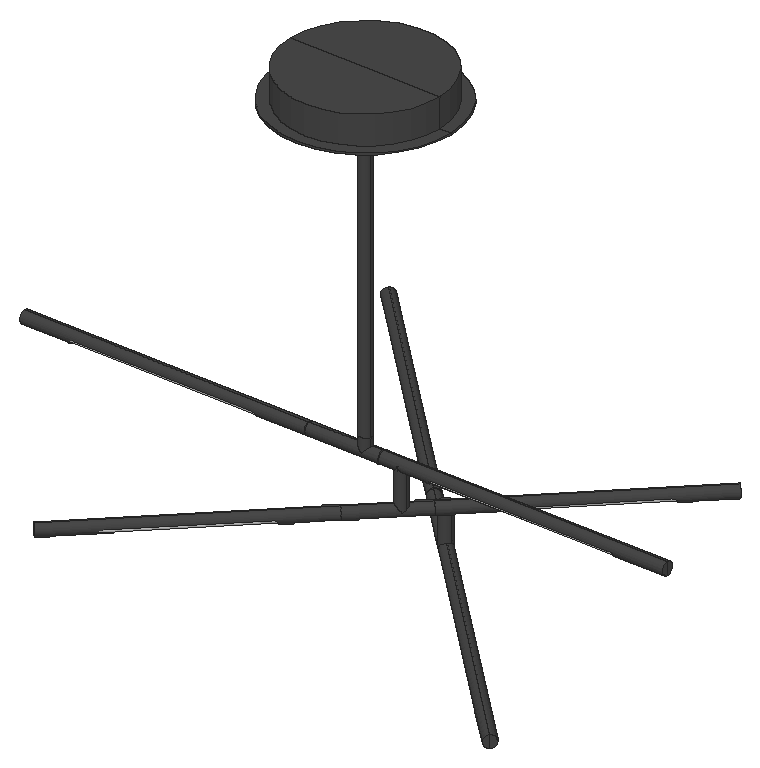
Revit family "3-805-XX PALILLO PENDANT", category Luminarias, Revit 2021
Family settings
  Anfitrión = Techo
  Cota de conector redondo = Diámetro de uso
  Tipo de pieza = Normal
  Número OmniClass = 23.80.70.11
  Título OmniClass = Luminaries for Internal Lighting
  Siempre vertical = Sí
  Corte con vacíos al cargar = No
  Origen de luz = Sí
  Compartido = No
  Punto de cálculo de habitación = No
Parameters (values of type "3-805-15 / Black - Matte White Acrylic")
  Elevación por defecto = 0"
  Comentarios de vataje = "6 x 8.5 W at 120 V"  # constant formula
  Wattage = 9.2903 W
  built-in parameter 1150110 = 1 (stored number, unit not read)
  Voltage Input = "120 V or 277 V - 50/60 Hz"  # constant formula
  Voltage = 120 V
  URL = "www.oxygenlighting.com"
  built-in parameter 1114217 = 1 (stored number, unit not read)
  built-in parameter 1150109 = 1 (stored number, unit not read)
  built-in parameter 1150134 = (empty or 0)
  built-in parameter 1150113 = 1 (stored number, unit not read)
  References = "Ref. 3 = 120 V / Ref. 37 = 277 V"  # constant formula
  Pendant height = 23"
  Modelo = "3-805-xx / Palillo Pendant"  # constant formula
  Metal Finish = 15 - Black
  Fabricante = "Oxygen Lighting and Fans"  # constant formula
  Lumens = 1380 lm
  built-in parameter 1150115 = 1 (stored number, unit not read)
  built-in parameter 1150105 = 109.82 (stored number, unit not read)
  Light Source Symbol Size = 24"
  built-in parameter 1150137 = (empty or 0)
  built-in parameter 1150139 = (empty or 0)
  built-in parameter 1150112 = 1 (stored number, unit not read)
  built-in parameter 1150114 = 1 (stored number, unit not read)
  Lámpara = "LED Array"  # constant formula
  built-in parameter 1150132 = 2
  built-in parameter 1150102 = (empty or 0)
  built-in parameter 1150138 = (empty or 0)
  built-in parameter 1150107 = 3000 (stored number, unit not read)
  built-in parameter 1150106 = 1.0982 (stored number, unit not read)
  built-in parameter 1150104 = 13.8 (stored number, unit not read)
  Dimming Lamp Color Temperature Shift = (empty or 0)
  Diffusers = Matte White Acrylic
  Color Filter = 16777215
  built-in parameter 1114218 = 1 (stored number, unit not read)
  built-in parameter 1150133 = 10 (stored number, unit not read)
Types (2): name | Metal Finish
  3-805-15 / Black - Matte White Acrylic | 15 - Black
  3-805-40 / Aged Brass - Matte White Acrylic | 40 - Aged Brass
Reference planes (in)
  plane 1 "Light Source Axis (F/B)": y = 0
  plane 2: z = 0
  plane 3 "Light Source Axis (L/R)": x = 0
  plane 4 "Ceiling": z = 157.48031
  plane 5 "Light Source Elevation": z = 134.48031
  plane 6: z = 140.18289
  plane 7: z = 155.90551
Forms (in)
  Revolve 1, solid, material "15 - Black" <- "Metal Finish"
    sketch origin (0, 0, 0) x (1, 0, 0) y (0, 0, 1)
      loop
        line (-0.31496, 155.59055) -> (-0.31496, 140.18289) -> (0, 140.18289) -> (0, 155.59055) -> (-0.31496, 155.59055)
      axis (0, 140.18289) -> (0, 155.59055)
    angle from 0 to 360
Dimensions and locks (in)
  equal spacing: host sketch curve, plane 3 "Light Source Axis (L/R)", host sketch curve
  equal spacing: host sketch curve, plane 1 "Light Source Axis (F/B)", host sketch curve
  host sketch curve to host sketch curve = 157.48031"  (x2)
  plane 4 "Ceiling" to host ceiling = 0"
  locked: plane 7 to plane 4 "Ceiling" at 1.5748
  "Pendant height": plane 5 "Light Source Elevation" to plane 4 "Ceiling"
  locked: plane 5 "Light Source Elevation" to plane 6 at 5.70258
  aligned and locked: plane 3 "Light Source Axis (L/R)" to imposter light
  aligned and locked: plane 1 "Light Source Axis (F/B)" to imposter light
  aligned and locked: plane 5 "Light Source Elevation" to imposter light
  aligned and locked: plane 1 "Light Source Axis (F/B)" to nested 2
  aligned and locked: plane 3 "Light Source Axis (L/R)" to nested 1
  aligned and locked: plane 1 "Light Source Axis (F/B)" to nested 1
  aligned and locked: nested 1 to plane 4 "Ceiling"
  aligned and locked: plane 6 to nested 2
  aligned and locked: Revolve 1 to nested 1
  aligned and locked: Revolve 1 to plane 6
Automatic sketch dimensions
  Revolve 1 sketch curve to plane 3 "Light Source Axis (L/R)" = 0"  (x2)
  Revolve 1 sketch curve to Revolve 1 sketch curve = 0.31496"
  Revolve 1 sketch curve to plane 7 = 15.72262"
  Revolve 1 sketch curve to plane 7 = 0.31496"
  Revolve 1 sketch curve to level = 14.10347"
  Revolve 1 sketch curve to plane 4 "Ceiling" = 14.25924"
Nested families (in)
  nested 1: "Family5" at (0, 0, 157.48031), type "Family5"
  nested 2: "Family6" at (0.9642, 0, 139.45606), type "Family6"
Connectors (in)
  electrical at (0, 0, 157.48031), driven by "Voltage"
    settings: on nested 1, index 1, voltage 120 V, apparent load 0 VA, apparent load phase1 0 VA, apparent load phase2 0 VA, apparent load phase3 0 VA, power factor 1, load classification "Other", number of poles 1, system type 31, power factor state 1, is connector primary yes, connector utility no, sub classification motor no, connector description ""
Definition of nested family "Family5"
  Parameters (values of type "Family5")
    Metal Finish = none
    Default Elevation = 0"
  Reference planes (in)
    plane 1 "Center (Front/Back)": y = 0
    plane 2: z = 0
    plane 3 "Center (Left/Right)": x = 0
  Forms (in)
    Revolve 1, solid, material <- "Metal Finish"
      sketch origin (0, 0, -157.48031) x (1, 0, 0) y (0, 0, 1)
        loop
          line (0, 157.48031) -> (0, 155.90551) -> (0, 155.59055) -> (0.31496, 155.59055) -> (0.3937, 155.66929) -> (0.3937, 155.90551) -> (4.52756, 155.90551) -> (4.52756, 155.98425) -> (3.93701, 155.98425) -> (3.93701, 157.48031) -> (0, 157.48031)
        axis (0, 155.59055) -> (0, 157.48031)
      angle from 0 to 360
  Dimensions and locks (in)
    aligned and locked: level to plane 2
Definition of nested family "Family6"
  Parameters (values of type "Family6")
    Metal Finish = none
    Default Elevation = 0"
    Diffusers = none
  Reference planes (in)
    plane 1 "Center (Front/Back)": y = 0
    plane 2: z = 0
    plane 3 "Center (Left/Right)": x = 0
  Forms (in)
    Revolve 1, solid, material <- "Metal Finish"
      sketch origin (-0.03691, 0, 0) x (1, 0, 0) y (0, 0, 1)
        loop
          line (1.28407, 0.00761) -> (0.96911, 0.00761) -> (0.96911, -2.11293) -> (1.28407, -2.11293) -> (1.28407, 0.00761)
        axis (0.96911, 0.00761) -> (0.96911, -2.11293)
      angle from 0 to 360
    Revolve 2, solid, material <- "Metal Finish"
      sketch origin (0.94105, 1.69387, 0) x (1, 0, 0) y (0, 0, 1)
        loop
          line (1.28407, -2.15139) -> (0.96911, -2.15139) -> (0.96911, -4.22941) -> (1.28407, -4.22941) -> (1.28407, -2.15139)
        axis (0.96911, -2.15139) -> (0.96911, -4.22941)
      angle from 0 to 360
    Revolve 3, solid, material <- "Metal Finish"
      sketch origin (-1.93331, 0, 2.2901) x (1, 0, 0) y (0, 0, 1)
        loop
          line (1.28407, -1.56327) -> (0.96911, -1.56327) -> (0.96911, -2.24396) -> (1.28407, -2.24396) -> (1.28407, -1.56327)
        axis (0.96911, -1.56327) -> (0.96911, -2.24396)
      angle from 0 to 360
  Dimensions and locks (in)
    aligned and locked: level to plane 2
  Nested families (in)
    nested 1: "Family1" at (-1.9685, 0, 0), type "Family1"
      with Lenght 33.77953"
    nested 2: "Family1" at (0.23369, 3.37119, -4.25197) x (0.7071, -0.7071, 0) z (0, 0, 1), type "Family1"
      with Lenght 37.73471"
    nested 3: "Family1" at (0.51751, -0.41554, -2.12598) x (0.7071, 0.7071, 0) z (0, 0, 1), type "Family1"
      with Lenght 29.13386"
  Definition of nested family "Family1"
    Parameters (values of type "Family1")
      Met = none
      Lenght [instance] = 32.2229"
      Default Elevation = 0"
      Diffuser = none
    Reference planes (in)
      plane 1 "Center (Front/Back)": y = 0
      plane 2: z = 0
      plane 3 "Center (Left/Right)": x = 0
      plane 4: x = -16.11145
      plane 5: x = 16.11145
      plane 6: x = -1.93822
      plane 7: x = 1.93822
    Forms (in)
      Revolve 1, solid, material <- "Met"
        sketch origin (0, 0, 0) x (1, 0, 0) y (0, 0, 1)
          loop
            line (-16.11145, 0) -> (-1.93822, 0) -> (-1.93822, 0.31496) -> (-16.11145, 0.31496) -> (-16.11145, 0)
          axis (-16.11145, 0) -> (-1.93822, 0)
        angle from 0 to 360
      Revolve 2, solid, material <- "Diffuser"
        sketch origin (0, 0, 0) x (1, 0, 0) y (0, 0, 1)
          loop
            line (-16.11145, 0) -> (-1.93822, 0) -> (-1.93822, 0.31496) -> (-16.11145, 0.31496) -> (-16.11145, 0)
          axis (-16.11145, 0) -> (-1.93822, 0)
        angle from 0 to 360
      Extrusion 3, void
        sketch origin (0, 0, 0) x (1, 0, 0) y (0, 0, 1)
          loop
            arc (-4.49727, -0.31496) -> (-4.57511, -0.12705) -> (-4.76302, -0.04921) r 0.26575
            line (-4.76302, -0.04921) -> (-13.28664, -0.04921)
            arc (-13.28664, -0.04921) -> (-13.47456, -0.12705) -> (-13.55239, -0.31496) r 0.26575
            line (-13.55239, -0.31496) -> (-4.49727, -0.31496)
        from -0.36407 to 0.35552
      Extrusion 4, void
        sketch origin (0, 0, 0) x (1, 0, 0) y (0, 0, 1)
          loop
            line (-13.28664, -0.04921) -> (-4.76302, -0.04921)
            arc (-4.76302, -0.04921) -> (-4.57511, -0.12705) -> (-4.49727, -0.31496) r 0.26575
            line (-4.49727, -0.31496) -> (-1.93822, -0.31496) -> (-1.93822, 0.31496) -> (-16.11145, 0.31496) -> (-16.11145, -0.31496) -> (-13.55239, -0.31496)
            arc (-13.55239, -0.31496) -> (-13.47456, -0.12705) -> (-13.28664, -0.04921) r 0.26575
        from -0.36407 to 0.35552
      Revolve 5, solid, material <- "Met"
        sketch origin (0, 0, 0) x (-1, 0, 0) y (0, 0, 1)
          loop
            line (-16.11145, 0) -> (-1.93822, 0) -> (-1.93822, 0.31496) -> (-16.11145, 0.31496) -> (-16.11145, 0)
          axis (-16.11145, 0) -> (-1.93822, 0)
        angle from 0 to 360
      Revolve 6, solid, material <- "Diffuser"
        sketch origin (0, 0, 0) x (-1, 0, 0) y (0, 0, 1)
          loop
            line (-16.11145, 0) -> (-1.93822, 0) -> (-1.93822, 0.31496) -> (-16.11145, 0.31496) -> (-16.11145, 0)
          axis (-16.11145, 0) -> (-1.93822, 0)
        angle from 0 to 360
      Extrusion 7, void
        sketch origin (0, 0, 0) x (-1, 0, 0) y (0, 0, -1)
          loop
            line (-4.49727, 0.31496) -> (-13.55239, 0.31496)
            arc (-13.55239, 0.31496) -> (-13.47456, 0.12705) -> (-13.28664, 0.04921) r 0.26575
            line (-13.28664, 0.04921) -> (-4.76302, 0.04921)
            arc (-4.76302, 0.04921) -> (-4.57511, 0.12705) -> (-4.49727, 0.31496) r 0.26575
        from -0.36407 to 0.35552
      Extrusion 8, void
        sketch origin (0, 0, 0) x (-1, 0, 0) y (0, 0, -1)
          loop
            arc (-13.28664, 0.04921) -> (-13.47456, 0.12705) -> (-13.55239, 0.31496) r 0.26575
            line (-13.55239, 0.31496) -> (-16.11145, 0.31496) -> (-16.11145, -0.31496) -> (-1.93822, -0.31496) -> (-1.93822, 0.31496) -> (-4.49727, 0.31496)
            arc (-4.49727, 0.31496) -> (-4.57511, 0.12705) -> (-4.76302, 0.04921) r 0.26575
            line (-4.76302, 0.04921) -> (-13.28664, 0.04921)
        from -0.36407 to 0.35552
      Revolve 9, solid, material <- "Met"
        sketch origin (0, 0, 0) x (1, 0, 0) y (0, 0, 1)
          loop
            line (1.93822, 0) -> (1.93822, 0.31496) -> (-1.93822, 0.31496) -> (-1.93822, 0) -> (1.93822, 0)
          axis (-1.93822, 0) -> (1.93822, 0)
        angle from 0 to 360
    Cuts and joins
      Extrusion 3 cuts Revolve 1
      Extrusion 4 cuts Revolve 2
      Extrusion 7 cuts Revolve 5
      Extrusion 8 cuts Revolve 6
    Dimensions and locks (in)
      equal spacing: plane 5, plane 3 "Center (Left/Right)", plane 4
      plane 6 to plane 3 "Center (Left/Right)" to plane 7 = 1.93822" locked, 1.93822" locked
      locked: Extrusion 8 sketch curve to plane 7 at 2.8248
      locked: Extrusion 8 sketch curve to plane 5 at 2.8248
      locked: Extrusion 7 sketch curve to plane 5 at 2.8248
      locked: Extrusion 7 sketch curve to plane 7 at 2.8248
      locked: plane 4 to Extrusion 4 sketch curve at 2.8248
      locked: Extrusion 4 sketch curve to plane 6 at 2.8248
      locked: Extrusion 3 sketch curve to plane 6 at 2.8248
      locked: plane 4 to Extrusion 3 sketch curve at 2.8248
      "Lenght": plane 4 to plane 5
      aligned and locked: level to plane 2
      aligned and locked: plane 4 to Revolve 1
      aligned and locked: plane 6 to Revolve 1
      aligned and locked: plane 5 to cut or joined group of Revolve 5, Extrusion 7
      aligned and locked: cut or joined group of Revolve 5, Extrusion 7 to plane 7
      aligned and locked: plane 7 to Extrusion 8 sketch curve
      aligned and locked: plane 5 to Extrusion 8 sketch curve
      aligned and locked: plane 4 to cut or joined group of Revolve 2, Extrusion 4
      aligned and locked: plane 6 to cut or joined group of Revolve 2, Extrusion 4
      aligned and locked: cut or joined group of Revolve 6, Extrusion 8 to plane 7
      aligned and locked: plane 5 to cut or joined group of Revolve 6, Extrusion 8
      aligned and locked: Revolve 9 sketch curve to plane 6
      aligned and locked: Revolve 9 sketch curve to plane 7
    Automatic sketch dimensions
      Revolve 1 sketch curve to level = 0"  (x2)
      plane 4 to Revolve 1 sketch curve = 0"
      plane 6 to Revolve 1 sketch curve = 0"
      level to Revolve 1 sketch curve = 0.31496"
      Revolve 1 sketch curve to Revolve 1 sketch curve = 2.3622"
      Revolve 1 sketch curve to plane 5 = 5.27665"
      Revolve 2 sketch curve to level = 0"  (x2)
      plane 4 to Revolve 2 sketch curve = 0"
      Revolve 2 sketch curve to plane 6 = 0"
      level to Revolve 2 sketch curve = 0.31496"
      Revolve 2 sketch curve to Revolve 2 sketch curve = 2.3622"
      Revolve 2 sketch curve to plane 5 = 5.27665"
      Extrusion 3 sketch curve to level = 0.31496"
      Extrusion 3 sketch curve to Extrusion 3 sketch curve = 0.26575"
      plane 4 to Extrusion 4 sketch curve = 0"
      plane 6 to Extrusion 4 sketch curve = 0"
      Extrusion 4 sketch curve to level = 0.31496"
      Extrusion 4 sketch curve to level = 0.04921"
      Extrusion 4 sketch curve to Extrusion 4 sketch curve = 0.26575"
      level to Extrusion 4 sketch curve = 0.31496"
      Revolve 5 sketch curve to level = 0"  (x2)
      Revolve 5 sketch curve to plane 5 = 0"
      Revolve 5 sketch curve to plane 7 = 0"
      Revolve 5 sketch curve to Revolve 5 sketch curve = 0.31496"
      Revolve 5 sketch curve to Revolve 5 sketch curve = 2.3622"
      Revolve 5 sketch curve to plane 4 = 5.27665"
      Revolve 6 sketch curve to level = 0"  (x2)
      plane 5 to Revolve 6 sketch curve = 0"
      plane 7 to Revolve 6 sketch curve = 0"
      Revolve 6 sketch curve to Revolve 6 sketch curve = 0.31496"
      Revolve 6 sketch curve to Revolve 6 sketch curve = 2.3622"
      Revolve 6 sketch curve to plane 4 = 5.27665"
      Extrusion 7 sketch curve to level = 0.31496"
      Extrusion 7 sketch curve to Extrusion 7 sketch curve = 0.26575"
      Extrusion 8 sketch curve to level = 0.31496"
      Extrusion 8 sketch curve to level = 0.04921"
      Extrusion 8 sketch curve to Extrusion 8 sketch curve = 0.26575"
      level to Extrusion 8 sketch curve = 0.31496"
      Revolve 9 sketch curve to level = 0"  (x2)
      level to Revolve 9 sketch curve = 0.31496"
      plane 6 to Revolve 9 sketch curve = 0.59055"
      plane 7 to Revolve 9 sketch curve = 0.84797"
